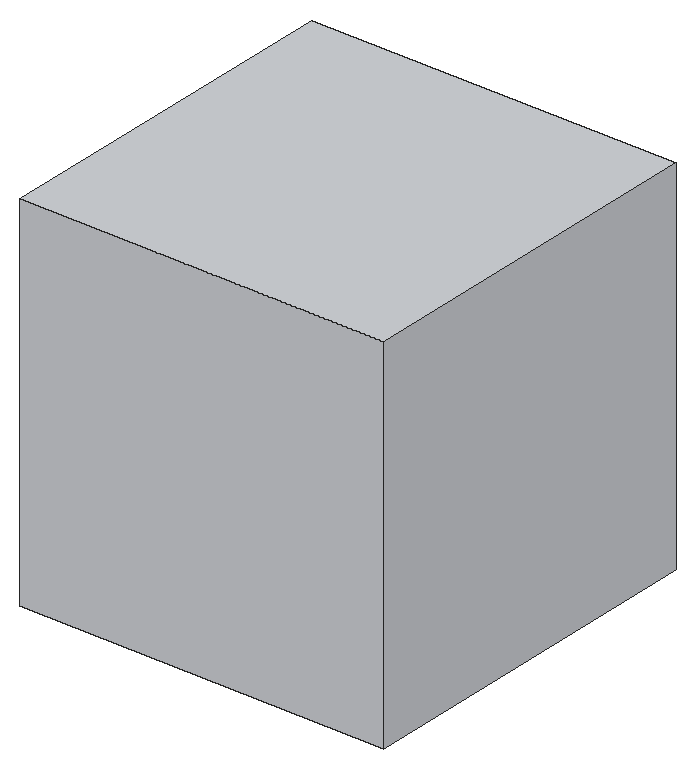
Revit family "TOM - ESERCITAZIONE 2", category Generic Models, Revit 2016
Family settings
  Part Type = Normal
  Can host rebar = No
  Round Connector Dimension = Use Diameter
  Work Plane-Based = No
  Always vertical = Yes
  Cut with Voids When Loaded = No
  Shared = No
  Room Calculation Point = No
Parameters
  SPESSORE = 5 cm
  C_LARGHEZZA [instance] = 5 cm
  C ALTEZZA DA TERRA [instance] = 200 cm
Reference planes (cm)
  plane 1 "Center (Front/Back)": y = 0
  plane 2: z = 0
  plane 3 "Center (Left/Right)": x = 0
  plane 4 "LARGHEZZA": y = 5
  plane 5 "PROFONDITA'": x = 5
  plane 6 "BASE": z = 200
  plane 7: z = 205
Forms (cm)
  Extrusion 1, solid
    sketch origin (280, 0, 200) x (-1, 0, 0) y (0, -1, 0)
      loop
        line (280, -5) -> (280, 0) -> (275, 0) -> (275, -5) -> (280, -5)
    from 0 to 5
Dimensions and locks (cm)
  "C_LARGHEZZA": plane 3 "Center (Left/Right)" to plane 5 "PROFONDITA'"
  "C_LARGHEZZA": plane 1 "Center (Front/Back)" to plane 4 "LARGHEZZA"
  "C ALTEZZA DA TERRA": plane 6 "BASE" to plane 2
  "SPESSORE": plane 7 to plane 6 "BASE"
  aligned and locked: level to plane 2
  aligned and locked: plane 4 "LARGHEZZA" to Extrusion 1
  aligned and locked: plane 5 "PROFONDITA'" to Extrusion 1
  aligned and locked: plane 1 "Center (Front/Back)" to Extrusion 1
  aligned and locked: Extrusion 1 to plane 3 "Center (Left/Right)"
  aligned and locked: plane 7 to Extrusion 1
Automatic sketch dimensions
  plane 4 "LARGHEZZA" to Extrusion 1 sketch curve = 0 cm
  plane 5 "PROFONDITA'" to Extrusion 1 sketch curve = 0 cm
  plane 3 "Center (Left/Right)" to Extrusion 1 sketch curve = 0 cm
  plane 1 "Center (Front/Back)" to Extrusion 1 sketch curve = 0 cm
